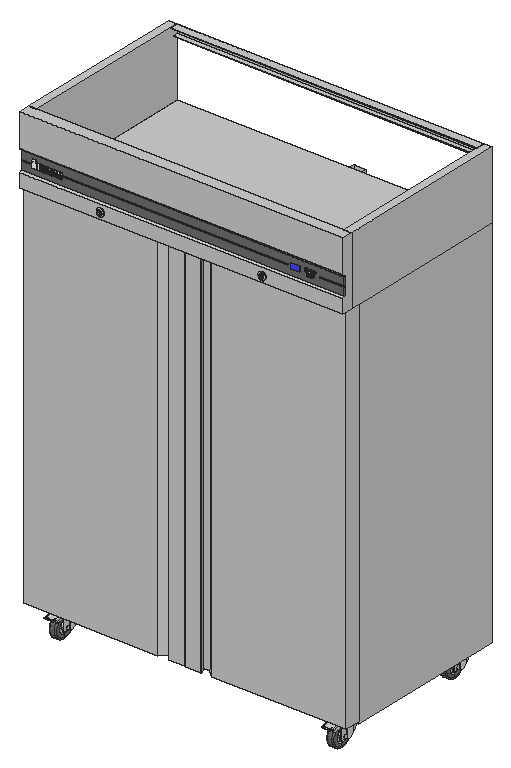
Revit family "QF_INOMAK_CEP2144_250529035457", category Specialty Equipment, Revit 2021
Family settings
  Round Connector Dimension = Use Diameter
  Part Type = Normal
  OmniClass Number = 23.40.40.14
  OmniClass Title = Food Service Equipment
  Work Plane-Based = No
  Always vertical = Yes
  Cut with Voids When Loaded = No
  Shared = No
  Room Calculation Point = No
Parameters (values of type "CEP2144")
  Weight [instance] = 201.998 kg
  Warranty Start Date [instance] = ""
  Warranty Duration [instance] = ""
  Volts [instance] = 230 V
  Volt Free Conn [instance] = no
  URL Recommended Spares List [instance] = ""
  URL Manufacturer [instance] = ""
  URL Cutsheet [instance] = ""
  URL Critical Spares List [instance] = ""
  URL = "www.inomak.com"
  Technical Documentation [instance] = ""
  Tag Number [instance] = ""
  Status [instance] = ""
  Start Up Current [instance] = 0 A
  Specification by User [instance] = ""
  Specification by Manufacturer [instance] = ""
  Sound Level [instance] = ""
  Show Logo [instance] = yes
  Show Clearances [instance] = yes
  Service Life Duration [instance] = ""
  Serial Number [instance] = ""
  Seismic Rating [instance] = ""
  SMACNA No [instance] = ""
  Revision Code [instance] = ""
  Revision [instance] = ""
  Production Year [instance] = ""
  Potential Equalisation [instance] = no
  Point Load [instance] = 0
  Phase [instance] = 1
  Other Equipment Approvals [instance] = ""
  Operational Current [instance] = 0 A
  Number of Poles [instance] = 2
  No Load Power Draw [instance] = no
  NAFEM Spec ID Number [instance] = ""
  Model Warning [instance] = ""
  Model = "CEP2144"
  Min Ckt Ampacity [instance] = 0 A
  Max Overcurrent Protection [instance] = 10 A
  Masterspec [instance] = ""
  Manufacturer = "INOMAK"
  Main switch integrated [instance] = no
  Length Actual [instance] = 1439.926 mm
  Item Number [instance] = ""
  Installed By [instance] = ""
  Installation Date [instance] = ""
  Identify Quantity as Lot [instance] = no
  ID [instance] = ""
  Hygiene Approval [instance] = ""
  Height Actual [instance] = 2100.072 mm
  HP power [instance] = ""
  Furnished By [instance] = ""
  Foodservice Equipment Identifier [instance] = no
  FL Amps [instance] = 3.2 A
  Electrical Remarks [instance] = ""
  Electric power [instance] = 750 W
  Electric Connection Type [instance] = ""
  Elec Conn RI Height [instance] = 0 mm
  Elec Conn Connection Height [instance] = 0 mm
  ETL Approved [instance] = no
  Description = "CYPRESS CHILLER CABINET WITH 2 GN 2/1 DOORS"
  Depth Actual [instance] = 867.918 mm
  Default Elevation = 0 mm
  Cycle [instance] = 50 Hz
  Cost = 0
  Connection to energy optimisation system [instance] = yes
  Conn Plug [instance] = ""
  Conn Conduit [instance] = no
  Centralized building control system with digital interface [instance] = ""
  CSI MasterFormat [instance] = ""
  CE Approved [instance] = no
  Barcode [instance] = 0
  Author [instance] = ""
  Asset Identifier [instance] = ""
  Apparent Power [instance] = 750 VA
  Accessory [instance] = no
Reference planes
  plane 1 "Center (Front/Back)": y = 0
  plane 2: z = 0
  plane 3 "Center (Left/Right)": x = 0
Forms (mm)
  Extrusion 1, solid, not visible
    sketch origin (1210.059, -2, 1930.094) x (1, 0, 0) y (0, 1, 0)
      loop
        line (-2, 2) -> (-2, -2) -> (2, -2) -> (2, 2) -> (-2, 2)
    from -2 to 2
Dimensions and locks
  locked: Extrusion 1 to nested 2
  locked: nested 2 to Extrusion 1 at 2
  aligned and locked: level to plane 2
Nested families
  nested 1: "QF_INOMAK_REF_CABINETS_2144_2920" at (0, 0, 130), type "CEP2144"
    with Weight 201.998 kg, Warranty Start Date "", Warranty Duration "", URL Cutsheet "", Technical Documentation "", Tag Number "", Status "", Specification by User "", Specification by Manufacturer "", Sound Level "", Solid Fuel Type "", Show Clearances yes, Show Clearance yes, Service Life Duration "", Serial Number "", Seismic Rating "", SMACNA No "", Revision Code "", Revision "", Production Year "", Point Load 0, Other Equipment Approvals "", NAFEM Spec ID Number "", Model Warning "", Masterspec "", Length Actual 1439.926 mm, Item Number "", Installed By "", Installation Date "", Identify Quantity as Lot yes, ID "", Hygiene Approval "", Height Actual 2100.072 mm, Furnished By "", Foodservice Equipment Identifier yes, Finish none, ETL Approved yes, Depth Actual 867.918 mm, CSI MasterFormat "", CE Approved yes, Barcode "", Author "", Asset Identifier "", Accessory no
  nested 2: "CONN_POINT_ELE_2D___Generic_Annotation" at (1210.059, 0, 1930.094), type "CONN_POINT_ELE_2D___Generic_Annotation"
    with Onboard connection annotation symbol visibility yes
  nested 3: "QF_INOMAK_CASTORS_4703" at (0, 0, 0), type "CT-1440-830"
    with Weight 0.00 kg, Warranty Start Date "", Warranty Duration "", URL Cutsheet "", Technical Documentation "", Tag Number "", Status "", Specification by User "", Specification by Manufacturer "", Sound Level "", Solid Fuel Type "", Show Logo yes, Show Clearances yes, Service Life Duration "", Serial Number "", Seismic Rating "", SMACNA No "", Revision Code "", Revision "", Production Year "", Point Load 0, Other Equipment Approvals "", NAFEM Spec ID Number "", Model Warning "", Masterspec "", Length Actual 1439.926 mm, Item Number "", Installed By "", Installation Date "", Identify Quantity as Lot yes, ID "", Hygiene Approval "", Height Actual 130.048 mm, Furnished By "", Foodservice Equipment Identifier yes, ETL Approved yes, Depth Actual 830.072 mm, CSI MasterFormat "", CE Approved yes, Barcode "", Author "", Asset Identifier "", Accessory yes
Connectors
  electrical at (1210.059, 0, 1930.094), driven by "Apparent Power", driven by "Number of Poles", driven by "Volts"
    settings: on Extrusion 1, index 1, voltage 230 V, apparent load 0 VA, apparent load phase1 750 VA, apparent load phase2 0 VA, apparent load phase3 0 VA, power factor 1, load classification "Other", number of poles 2, system type 31, power factor state 1, is connector primary yes, connector utility no, sub classification motor no, connector description "Electrical connection for CEP2144"
Definition of nested family "QF_INOMAK_REF_CABINETS_2144_2920"
  Parameters (values of type "CFP2144")
    Weight [instance] = 0.00 kg
    Warranty Start Date [instance] = ""
    Warranty Duration [instance] = ""
    URL Cutsheet [instance] = ""
    URL = "www.inomak.com"
    Technical Documentation [instance] = ""
    Tag Number [instance] = ""
    Status [instance] = ""
    Specification by User [instance] = ""
    Specification by Manufacturer [instance] = ""
    Sound Level [instance] = ""
    Solid Fuel Type [instance] = ""
    Show Logo = yes
    Show Clearances [instance] = yes
    Show Clearance [instance] = yes
    Service Life Duration [instance] = ""
    Serial Number [instance] = ""
    Seismic Rating [instance] = ""
    SMACNA No [instance] = ""
    Revision Code [instance] = ""
    Revision [instance] = ""
    Production Year [instance] = ""
    Point Load [instance] = 0
    Other Equipment Approvals [instance] = ""
    NAFEM Spec ID Number [instance] = ""
    Model Warning [instance] = ""
    Model = "CFP2144"
    Masterspec [instance] = ""
    Manufacturer = "INOMAK"
    Length Actual [instance] = 0 mm
    Length = 720 mm
    Item Number [instance] = ""
    Installed By [instance] = ""
    Installation Date [instance] = ""
    Identify Quantity as Lot [instance] = yes
    ID [instance] = ""
    Hygiene Approval [instance] = ""
    Height Actual [instance] = 0 mm
    Height = 1985 mm
    Furnished By [instance] = ""
    Foodservice Equipment Identifier [instance] = yes
    Finish [instance] = none
    ETL Approved [instance] = yes
    Description = "CASTANEA FREEZER CABINET WITH 2 GN 2/1 DOORS"
    Depth Actual [instance] = 0 mm
    Depth = 832 mm
    Default Elevation = 0 mm
    CSI MasterFormat [instance] = ""
    CE Approved [instance] = yes
    Barcode [instance] = ""
    Author [instance] = ""
    Asset Identifier [instance] = ""
    Assembly Code = "E1090320"
    Accessory [instance] = yes
  Types (4, lengths in mm): name | Model | Description | Depth
    CFP2144 | "CFP2144" | "CASTANEA FREEZER CABINET WITH 2 GN 2/1 DOORS" | 832
    CEP2144 | "CEP2144" | "CYPRESS CHILLER CABINET WITH 2 GN 2/1 DOORS" | 832
    CEP2144-SL | "CEP2144/SL" | "CLOVER CHILLER CABINET WITH 2 GN 2/1 DOORS, COMPACT DIMENSIONS" | 732
    CFP2144-SL | "CFP2144/SL" | "CLOVER FREEZER CABINET WITH 2 GN 2/1 DOORS, COMPACT DIMENSIONS" | 732
  Reference planes
    plane 1 "Back": y = 0
    plane 2: z = 0
    plane 3 "Left": x = 0
    plane 4 "Right": x = 1440
    plane 5 "Front": y = -832
    plane 6 "Top": z = 1985
  Forms (mm)
    Extrusion 1, solid
      sketch origin (-1732.685, -832, 3995) x (-1, 0, 0) y (0, 0, 1)
        loop
          circle (-3004.815, -2199.02) r 6.965
        loop
          circle (-3021.846, -2199.02) r 6.965
        loop
          circle (-3038.855, -2199.02) r 6.965
        loop
          circle (-3013.341, -2217.021) r 6.965
        loop
          circle (-3030.35, -2217.021) r 6.965
        loop
          circle (-3004.815, -2199.02) r 3.965
        loop
          circle (-3021.846, -2199.02) r 3.965
        loop
          circle (-3038.855, -2199.02) r 3.965
        loop
          circle (-3013.341, -2217.021) r 3.965
        loop
          circle (-3030.35, -2217.021) r 3.965
      from 7.3 to 10.302
    Extrusion 2, solid
      sketch origin (-1732.685, -832, 3995) x (-1, 0, 0) y (0, 0, 1)
        loop
          line (-2977.026, -2195.289) -> (-2977.026, -2218.289) -> (-2937.026, -2218.289) -> (-2937.026, -2195.289) -> (-2977.026, -2195.289)
      from 7.3 to 10.302
    Extrusion 3, solid
      sketch origin (-1732.685, -832, 3995) x (-1, 0, 0) y (0, 0, 1)
        loop
          line (-1732.685, -2167.27) -> (-3172.685, -2167.27) -> (-3172.685, -2246.309) -> (-1732.685, -2246.309) -> (-1732.685, -2167.27)
      from 7.8 to 10.302
    Extrusion 4, solid, visible <- "Show Logo"
      sketch origin (-1732.685, -832, 3995) x (-1, 0, 0) y (0, 0, 1)
        loop
          line (-1776.745, -2194.74) -> (-1782.745, -2194.74) -> (-1782.745, -2183.633) -> (-1796.982, -2183.633) -> (-1796.982, -2194.74) -> (-1802.982, -2194.74) -> (-1802.982, -2220.99) -> (-1776.745, -2220.99) -> (-1776.745, -2194.74)
        loop
          line (-1807.298, -2195.052) -> (-1814.587, -2195.052) -> (-1814.587, -2220.99) -> (-1807.298, -2220.99) -> (-1807.298, -2195.052)
        loop
          line (-1817.107, -2220.99) -> (-1817.107, -2195.052) -> (-1823.94, -2195.052) -> (-1827.134, -2206.971) -> (-1827.134, -2195.052) -> (-1833.666, -2195.052) -> (-1833.666, -2220.99) -> (-1827.134, -2220.99) -> (-1823.42, -2207.127) -> (-1823.42, -2220.99) -> (-1817.107, -2220.99)
        loop
          line (-1854.348, -2220.99) -> (-1854.348, -2195.052) -> (-1863.311, -2195.052) -> (-1865.673, -2209.062) -> (-1868.035, -2195.052) -> (-1876.997, -2195.052) -> (-1876.997, -2220.99) -> (-1870.372, -2220.99) -> (-1870.372, -2207.127) -> (-1868.035, -2220.99) -> (-1863.311, -2220.99) -> (-1860.973, -2207.127) -> (-1860.973, -2220.99) -> (-1854.348, -2220.99)
        loop
          line (-1839.536, -2195.052) -> (-1848.861, -2195.052)
          arc (-1848.861, -2195.052) -> (-1851.458, -2196.128) -> (-1852.533, -2198.724) r 3.672
          line (-1852.533, -2198.724) -> (-1852.533, -2217.318)
          arc (-1852.533, -2217.318) -> (-1851.458, -2219.914) -> (-1848.861, -2220.99) r 3.672
          line (-1848.861, -2220.99) -> (-1839.536, -2220.99)
          arc (-1839.536, -2220.99) -> (-1836.939, -2219.914) -> (-1835.864, -2217.318) r 3.672
          line (-1835.864, -2217.318) -> (-1835.864, -2198.724)
          arc (-1835.864, -2198.724) -> (-1836.939, -2196.128) -> (-1839.536, -2195.052) r 3.672
        loop
          arc (-1843.172, -2198.208) -> (-1844.198, -2197.181) -> (-1845.225, -2198.208) r 1.027
          line (-1845.225, -2198.208) -> (-1845.225, -2216.801)
          arc (-1845.225, -2216.801) -> (-1844.198, -2217.828) -> (-1843.172, -2216.801) r 1.027
          line (-1843.172, -2216.801) -> (-1843.172, -2198.208)
        loop
          line (-1878.066, -2220.99) -> (-1882.439, -2195.052) -> (-1891.3, -2195.052) -> (-1895.673, -2220.99) -> (-1889.146, -2220.99) -> (-1888.536, -2216.027) -> (-1885.203, -2216.027) -> (-1884.593, -2220.99) -> (-1878.066, -2220.99)
        loop
          line (-1885.759, -2211.498) -> (-1886.87, -2202.452) -> (-1887.98, -2211.498) -> (-1885.759, -2211.498)
        loop
          line (-1896.638, -2220.99) -> (-1896.638, -2195.052) -> (-1903.263, -2195.052) -> (-1903.263, -2204.165) -> (-1906.049, -2195.052) -> (-1913.487, -2195.052) -> (-1909.159, -2206.329) -> (-1914.207, -2220.99) -> (-1906.623, -2220.99) -> (-1903.263, -2208.45) -> (-1903.263, -2220.99) -> (-1896.638, -2220.99)
      from 7.3 to 10.3
    Extrusion 5, solid
      sketch origin (-1732.685, -832, 3995) x (-1, 0, 0) y (0, 0, 1)
        loop
          line (-1732.685, -2204.789) -> (-1769.679, -2204.789) -> (-1769.679, -2208.789) -> (-1732.685, -2208.789) -> (-1732.685, -2204.789)
        loop
          line (-1918.161, -2204.789) -> (-2922.526, -2204.789) -> (-2922.526, -2208.789) -> (-1918.161, -2208.789) -> (-1918.161, -2204.789)
        loop
          line (-3172.685, -2204.789) -> (-3172.685, -2208.789) -> (-3064.916, -2208.789) -> (-3064.916, -2204.789) -> (-3172.685, -2204.789)
      from 7.3 to 10.302
    Extrusion 6, solid, material <- "Finish"
      sketch origin (0, 24.612, -1987) x (0, 1, 0) y (0, 0, 1)
        loop
          line (-856.612, 3972) -> (-856.612, 3823.032) -> (-848.31, 3814.73) -> (-848.31, 3735.691) -> (-856.612, 3727.389) -> (-856.612, 3667) -> (-806.612, 3667) -> (-806.612, 3972) -> (-856.612, 3972)
      from 0 to 1440
    Extrusion 7, solid, material <- "Finish"
      sketch origin (0, 0, 1985) x (0, 1, 0) y (-1, 0, 0)
        loop
          line (-782, 0) -> (-782, -35) -> (0, -35) -> (0, 0) -> (-782, 0)
      from 0 to -305
    Extrusion 8, solid, material <- "Finish"
      sketch origin (0, 0, 1985) x (0, 1, 0) y (-1, 0, 0)
        loop
          line (-782, -1440) -> (0, -1440) -> (0, -1405) -> (-782, -1405) -> (-782, -1440)
      from 0 to -305
    Extrusion 9, solid, material <- "Finish"
      sketch origin (360, 24.612, -1987) x (0, 1, 0) y (0, 0, 1)
        loop
          line (-806.612, 3863.915) -> (-806.612, 3667) -> (-686.934, 3667) -> (-686.934, 3744.237) -> (-806.612, 3863.915)
      from -325 to 1045
    Extrusion 10, solid, material <- "Finish"
      sketch origin (40, 24.612, -123) x (0, 1, 0) y (0, 0, 1)
        loop
          line (-683.378, 1913.946) -> (-698.935, 1929.502) -> (-717.143, 1911.294) -> (-715.729, 1909.88) -> (-698.935, 1926.674) -> (-684.793, 1912.532) -> (-683.378, 1913.946)
      from 114.953 to 225
    Extrusion 11, solid, material <- "Finish"
      sketch origin (0, 30.903, -1982) x (0, 1, 0) y (0, 0, 1)
        loop
          line (-30.903, 3967) -> (-70.903, 3967) -> (-70.903, 3965) -> (-32.903, 3965) -> (-32.903, 3929) -> (-55.903, 3929) -> (-55.903, 3927) -> (-30.903, 3927) -> (-30.903, 3967)
      from 35 to 1405
    Extrusion 12, solid, material <- "Finish"
      sketch origin (0, 30.903, -118) x (0, 1, 0) y (0, 0, 1)
        loop
          line (-30.903, 1798) -> (-772.903, 1798) -> (-772.903, 1733) -> (-100.876, 1733) -> (-100.876, 188) -> (-772.903, 188) -> (-772.903, 118) -> (-30.903, 118) -> (-30.903, 1798)
      from 35 to 1405
    Extrusion 13, solid, material <- "Finish"
      sketch origin (0, 30.903, -415.687) x (1, 0, 0) y (0, 1, 0)
        loop
          line (0, -772.903) -> (35, -772.903) -> (35, -30.903) -> (0, -30.903) -> (0, -772.903)
      from 415.687 to 2095.687
    Extrusion 14, solid, material <- "Finish"
      sketch origin (720, 30.903, -415.687) x (-1, 0, 0) y (0, -1, 0)
        loop
          line (-720, 772.903) -> (-720, 30.903) -> (-685, 30.903) -> (-685, 772.903) -> (-720, 772.903)
      from 415.687 to 2095.687
    Revolve 15, solid
      sketch origin (358.942, 24.612, -1987) x (0, 1, 0) y (0, 0, 1)
        loop
          line (-859.012, 3694.152) -> (-856.612, 3694.152) -> (-856.612, 3711.145) -> (-857.612, 3711.145) -> (-861.012, 3706.633) -> (-861.012, 3702.998) -> (-859.012, 3702.998) -> (-859.012, 3694.152)
        axis (-856.612, 3694.152) -> (-861.012, 3694.152)
      angle from 0 to 360
    Extrusion 16, solid
      sketch origin (-2452.685, -832, 3995) x (-1, 0, 0) y (0, 0, 1)
        loop
          line (-2810.827, -2284.348) -> (-2812.827, -2284.348) -> (-2812.827, -2291.348) -> (-2810.827, -2291.348) -> (-2810.827, -2284.348)
        loop
          circle (-2811.627, -2287.848) r 7.846
      from -4.4 to -2.4
    Revolve 17, solid
      sketch origin (1081.058, 24.612, -1987) x (0, 1, 0) y (0, 0, -1)
        loop
          line (-859.012, -3694.152) -> (-859.012, -3702.998) -> (-861.012, -3702.998) -> (-861.012, -3706.633) -> (-857.612, -3711.145) -> (-856.612, -3711.145) -> (-856.612, -3694.152) -> (-859.012, -3694.152)
        axis (-856.612, -3694.152) -> (-861.012, -3694.152)
      angle from 0 to 360
    Extrusion 18, solid
      sketch origin (3892.685, -832, 3995) x (1, 0, 0) y (0, 0, -1)
        loop
          line (-2810.827, 2284.348) -> (-2810.827, 2291.348) -> (-2812.827, 2291.348) -> (-2812.827, 2284.348) -> (-2810.827, 2284.348)
        loop
          circle (-2811.627, 2287.848) r 7.846
      from -4.4 to -2.4
    Extrusion 19, solid, material <- "Finish"
      sketch origin (1400, 24.612, -123) x (0, 1, 0) y (0, 0, -1)
        loop
          line (-683.378, -1913.946) -> (-684.793, -1912.532) -> (-698.935, -1926.674) -> (-715.729, -1909.88) -> (-717.143, -1911.294) -> (-698.935, -1929.502) -> (-683.378, -1913.946)
      from 114.953 to 225
    Extrusion 20, solid, visible <- "Show Clearance", detail levels coarse
      sketch origin (872.304, -180, -18) x (-1, 0, 0) y (0, -1, 0)
        loop
          line (872.304, 1302) -> (804.804, 1302)
          arc (804.804, 1302) -> (341.042, 1101.619) -> (154.804, 632) r 660.076
          line (154.804, 632) -> (872.304, 632) -> (872.304, 1302)
      from 28 to 1695
    Extrusion 21, solid, material <- "Finish"
      sketch origin (25.5, -748.447, 1286.729) x (0, 1, 0) y (-1, 0, 0)
        loop
          line (-63.553, 25.5) -> (-63.553, -575.562) -> (-33.678, -605.437) -> (-33.678, -650.304) -> (-47.56, -652.255) -> (-51.238, -626.088) -> (-60.737, -620.603)
          arc (-60.737, -620.603) -> (-62.614, -620.603) -> (-63.553, -622.228) r 1.877
          line (-63.553, -622.228) -> (-63.553, -692) -> (6.447, -692) -> (6.447, 25.5) -> (-63.553, 25.5)
      from -1276.729 to 390.271
    Extrusion 22, solid, visible <- "Show Clearance", detail levels coarse
      sketch origin (567.696, -180, -18) x (1, 0, 0) y (0, 1, 0)
        loop
          line (872.304, -1302) -> (872.304, -632) -> (154.804, -632)
          arc (154.804, -632) -> (341.042, -1101.619) -> (804.804, -1302) r 660.076
          line (804.804, -1302) -> (872.304, -1302)
      from 28 to 1695
    Extrusion 23, solid, material <- "Finish"
      sketch origin (1414.5, -748.447, 1286.729) x (0, 1, 0) y (-1, 0, 0)
        loop
          line (-63.553, -25.5) -> (6.447, -25.5) -> (6.447, 692) -> (-63.553, 692) -> (-63.553, 622.228)
          arc (-63.553, 622.228) -> (-62.614, 620.603) -> (-60.737, 620.603) r 1.877
          line (-60.737, 620.603) -> (-51.238, 626.088) -> (-47.56, 652.255) -> (-33.678, 650.304) -> (-33.678, 605.437) -> (-63.553, 575.562) -> (-63.553, -25.5)
      from -1276.729 to 390.271
    Extrusion 24, solid, material <- "Finish"
      sketch origin (360, 30.903, -118) x (1, 0, 0) y (0, 1, 0)
        loop
          line (187, 5.097) -> (187, -29.903) -> (175, -29.903) -> (175, -30.903) -> (545, -30.903) -> (545, -29.903) -> (533, -29.903) -> (533, 5.097) -> (187, 5.097)
      from 1156 to 1531
    Extrusion 25, solid, material <- "Finish"
      sketch origin (460, 30.903, -118) x (1, 0, 0) y (0, 1, 0)
        loop
          line (339, 0.097) -> (339, -29.903) -> (325, -29.903) -> (325, -30.903) -> (340, -30.903) -> (340, -0.903) -> (393, -0.903) -> (393, -30.903) -> (408, -30.903) -> (408, -29.903) -> (394, -29.903) -> (394, 0.097) -> (339, 0.097)
      from 1531 to 1793
  Lines and regions (mm)
    symbolic lines
      curve 1: line (0, 0, 0) -> (1440, 0, 0)
      curve 2: line (0, -832, 0) -> (0, 0, 0)
      curve 3: line (1440, -832, 0) -> (0, -832, 0)
      curve 4: line (1440, 0, 0) -> (1440, -832, 0)
      curve 5: line (35, 0, 0) -> (35, -782, 0)
      curve 6: line (35, -782, 0) -> (1405, -782, 0)
      curve 7: line (1405, -782, 0) -> (1405, 0, 0)
      curve 8: line (35, -40, 0) -> (1405, -40, 0)
      curve 9: line (35, -662.322, 0) -> (1405, -662.322, 0)
      curve 16: line (547, 1, 0) -> (547, 36, 0)
      curve 17: line (547, 36, 0) -> (893, 36, 0)
      curve 18: line (893, 36, 0) -> (893, 1, 0)
      curve 19: line (547, 1, 0) -> (535, 1, 0)
      curve 20: line (535, 1, 0) -> (535, 0, 0)
      curve 21: line (893, 1, 0) -> (905, 1, 0)
      curve 22: line (905, 1, 0) -> (905, 0, 0)
      curve 23: line (785, 0, 0) -> (785, 1, 0)
      curve 24: line (785, 1, 0) -> (799, 1, 0)
      curve 25: line (799, 1, 0) -> (799, 31, 0)
      curve 26: line (799, 31, 0) -> (854, 31, 0)
      curve 27: line (854, 31, 0) -> (854, 1, 0)
      curve 28: line (854, 1, 0) -> (868, 1, 0)
      curve 29: line (868, 1, 0) -> (868, 0, 0)
    symbolic lines, visible <- "Show Clearance"
      curve 10: line (67.5, -1482, 0) -> (0, -1482, 0)
      curve 11: line (0, -1482, 0) -> (0, -832, 0)
      curve 12: arc (717.5, -832, 0) -> (524.244, -1288.744, 0) -> (67.5, -1482, 0) r 660.076
      curve 13: line (1372.5, -1482, 0) -> (1440, -1482, 0)
      curve 14: line (1440, -1482, 0) -> (1440, -832, 0)
      curve 15: arc (722.5, -832, 0) -> (915.756, -1288.744, 0) -> (1372.5, -1482, 0) r 660.076
  Dimensions and locks
    plane 3 "Left" to plane 4 "Right" = 1440 mm
    "Depth": plane 5 "Front" to plane 1 "Back"
    "Height": plane 6 "Top" to level
    plane 6 "Top" to level = 1985 mm
    aligned and locked: level to plane 2
    aligned and locked: plane 6 "Top" to Extrusion 6 sketch curve
  Automatic sketch dimensions
    Extrusion 1 sketch curve to Extrusion 1 sketch curve = 0 mm  (x13)
    plane 4 "Right" to Extrusion 1 sketch curve = 133.83 mm
    Extrusion 1 sketch curve to Extrusion 1 sketch curve = 8.505 mm
    Extrusion 1 sketch curve to Extrusion 1 sketch curve = 17.009 mm  (x2)
    Extrusion 1 sketch curve to Extrusion 1 sketch curve = 17.03 mm
    Extrusion 1 sketch curve to plane 6 "Top" = 207.021 mm
    Extrusion 1 sketch curve to Extrusion 1 sketch curve = 18.001 mm
    plane 4 "Right" to Extrusion 2 sketch curve = 195.659 mm
    Extrusion 2 sketch curve to Extrusion 2 sketch curve = 40 mm
    Extrusion 2 sketch curve to plane 6 "Top" = 208.289 mm
    Extrusion 2 sketch curve to Extrusion 2 sketch curve = 23 mm
    plane 4 "Right" to Extrusion 3 sketch curve = 0 mm
    Extrusion 3 sketch curve to plane 3 "Left" = 0 mm
    Extrusion 3 sketch curve to plane 6 "Top" = 236.309 mm
    Extrusion 3 sketch curve to Extrusion 3 sketch curve = 79.039 mm
    plane 3 "Left" to Extrusion 4 sketch curve = 181.522 mm
    Extrusion 4 sketch curve to Extrusion 4 sketch curve = 0.72 mm
    Extrusion 4 sketch curve to Extrusion 4 sketch curve = 4.329 mm
    Extrusion 4 sketch curve to Extrusion 4 sketch curve = 7.584 mm
    Extrusion 4 sketch curve to Extrusion 4 sketch curve = 7.438 mm
    Extrusion 4 sketch curve to Extrusion 4 sketch curve = 5.895 mm
    Extrusion 4 sketch curve to Extrusion 4 sketch curve = 0 mm  (x16)
    Extrusion 4 sketch curve to Extrusion 4 sketch curve = 6.625 mm  (x2)
    Extrusion 4 sketch curve to Extrusion 4 sketch curve = 0.965 mm
    Extrusion 4 sketch curve to Extrusion 4 sketch curve = 5.338 mm
    Extrusion 4 sketch curve to Extrusion 4 sketch curve = 6.527 mm  (x2)
    Extrusion 4 sketch curve to Extrusion 4 sketch curve = 0.609 mm
    Extrusion 4 sketch curve to Extrusion 4 sketch curve = 0.556 mm
    Extrusion 4 sketch curve to Extrusion 4 sketch curve = 4.43 mm  (x2)
    Extrusion 4 sketch curve to Extrusion 4 sketch curve = 2.222 mm
    Extrusion 4 sketch curve to Extrusion 4 sketch curve = 3.334 mm
    Extrusion 4 sketch curve to Extrusion 4 sketch curve = 4.552 mm
    Extrusion 4 sketch curve to Extrusion 4 sketch curve = 1.069 mm
    Extrusion 4 sketch curve to Extrusion 4 sketch curve = 8.962 mm  (x2)
    Extrusion 4 sketch curve to Extrusion 4 sketch curve = 2.337 mm
    Extrusion 4 sketch curve to Extrusion 4 sketch curve = 4.699 mm  (x2)
    Extrusion 4 sketch curve to Extrusion 4 sketch curve = 4.724 mm  (x2)
    Extrusion 4 sketch curve to Extrusion 4 sketch curve = 1.815 mm
    Extrusion 4 sketch curve to Extrusion 4 sketch curve = 3.672 mm  (x6)
    Extrusion 4 sketch curve to Extrusion 4 sketch curve = 3.636 mm  (x3)
    Extrusion 4 sketch curve to Extrusion 4 sketch curve = 1.027 mm
    Extrusion 4 sketch curve to Extrusion 4 sketch curve = 2.197 mm
    Extrusion 4 sketch curve to Extrusion 4 sketch curve = 6.532 mm  (x2)
    Extrusion 4 sketch curve to Extrusion 4 sketch curve = 3.194 mm
    Extrusion 4 sketch curve to Extrusion 4 sketch curve = 3.714 mm
    Extrusion 4 sketch curve to Extrusion 4 sketch curve = 6.312 mm
    Extrusion 4 sketch curve to Extrusion 4 sketch curve = 2.52 mm
    Extrusion 4 sketch curve to Extrusion 4 sketch curve = 7.29 mm
    Extrusion 4 sketch curve to Extrusion 4 sketch curve = 4.315 mm
    Extrusion 4 sketch curve to Extrusion 4 sketch curve = 6 mm
    Extrusion 4 sketch curve to Extrusion 4 sketch curve = 14.237 mm
    Extrusion 4 sketch curve to Extrusion 4 sketch curve = 26.237 mm
    Extrusion 4 sketch curve to plane 6 "Top" = 210.99 mm
    Extrusion 4 sketch curve to Extrusion 4 sketch curve = 0.516 mm  (x2)
    Extrusion 4 sketch curve to Extrusion 4 sketch curve = 4.963 mm
    Extrusion 4 sketch curve to Extrusion 4 sketch curve = 4.529 mm
    Extrusion 4 sketch curve to Extrusion 4 sketch curve = 11.927 mm
    Extrusion 4 sketch curve to Extrusion 4 sketch curve = 12.539 mm
    Extrusion 4 sketch curve to Extrusion 4 sketch curve = 1.935 mm  (x2)
    Extrusion 4 sketch curve to Extrusion 4 sketch curve = 13.862 mm
    Extrusion 4 sketch curve to Extrusion 4 sketch curve = 0.157 mm
    Extrusion 4 sketch curve to Extrusion 4 sketch curve = 2.122 mm
    Extrusion 4 sketch curve to Extrusion 4 sketch curve = 4.285 mm
    Extrusion 4 sketch curve to Extrusion 4 sketch curve = 9.047 mm
    Extrusion 4 sketch curve to Extrusion 4 sketch curve = 8.403 mm
    Extrusion 4 sketch curve to Extrusion 4 sketch curve = 12.075 mm
    Extrusion 4 sketch curve to Extrusion 4 sketch curve = 26.25 mm
    Extrusion 4 sketch curve to Extrusion 4 sketch curve = 0.312 mm
    Extrusion 4 sketch curve to Extrusion 4 sketch curve = 11.107 mm
    plane 4 "Right" to Extrusion 5 sketch curve = 0 mm
    Extrusion 5 sketch curve to plane 3 "Left" = 0 mm
    Extrusion 5 sketch curve to Extrusion 5 sketch curve = 107.768 mm
    Extrusion 5 sketch curve to Extrusion 5 sketch curve = 142.39 mm
    plane 3 "Left" to Extrusion 5 sketch curve = 185.476 mm
    plane 3 "Left" to Extrusion 5 sketch curve = 36.995 mm
    Extrusion 5 sketch curve to plane 6 "Top" = 198.789 mm
    Extrusion 5 sketch curve to Extrusion 5 sketch curve = 0 mm  (x2)
    Extrusion 5 sketch curve to Extrusion 5 sketch curve = 4 mm  (x3)
    Extrusion 6 sketch curve to plane 5 "Front" = 0 mm  (x2)
    plane 5 "Front" to Extrusion 6 sketch curve = 8.302 mm
    Extrusion 6 sketch curve to Extrusion 6 sketch curve = 50 mm
    Extrusion 6 sketch curve to plane 6 "Top" = 148.968 mm
    Extrusion 6 sketch curve to Extrusion 6 sketch curve = 8.302 mm  (x2)
    Extrusion 6 sketch curve to Extrusion 6 sketch curve = 79.039 mm
    Extrusion 6 sketch curve to Extrusion 6 sketch curve = 60.389 mm
    plane 5 "Front" to Extrusion 9 sketch curve = 50 mm
    Extrusion 9 sketch curve to Extrusion 9 sketch curve = 119.678 mm
    Extrusion 9 sketch curve to plane 6 "Top" = 305 mm
    Extrusion 9 sketch curve to Extrusion 9 sketch curve = 77.237 mm
    Extrusion 9 sketch curve to plane 6 "Top" = 108.085 mm
    plane 5 "Front" to Extrusion 10 sketch curve = 139.47 mm
    Extrusion 10 sketch curve to Extrusion 10 sketch curve = 1.414 mm  (x2)
    Extrusion 10 sketch curve to Extrusion 10 sketch curve = 16.794 mm
    Extrusion 10 sketch curve to Extrusion 10 sketch curve = 0 mm
    Extrusion 10 sketch curve to Extrusion 10 sketch curve = 14.142 mm
    Extrusion 10 sketch curve to plane 6 "Top" = 198.12 mm
    Extrusion 11 sketch curve to plane 6 "Top" = 0 mm
    Extrusion 11 sketch curve to plane 1 "Back" = 0 mm
    plane 1 "Back" to Extrusion 11 sketch curve = 2 mm
    Extrusion 11 sketch curve to Extrusion 11 sketch curve = 23 mm
    Extrusion 11 sketch curve to Extrusion 11 sketch curve = 38 mm
    Extrusion 11 sketch curve to Extrusion 11 sketch curve = 2 mm  (x2)
    Extrusion 11 sketch curve to Extrusion 11 sketch curve = 36 mm
    Extrusion 12 sketch curve to level = 0 mm
    Extrusion 12 sketch curve to plane 1 "Back" = 0 mm
    plane 1 "Back" to Extrusion 12 sketch curve = 69.973 mm
    plane 5 "Front" to Extrusion 12 sketch curve = 90 mm  (x2)
    level to Extrusion 12 sketch curve = 70 mm
    Extrusion 12 sketch curve to plane 6 "Top" = 370 mm
    Extrusion 12 sketch curve to Extrusion 12 sketch curve = 65 mm
    plane 1 "Back" to Extrusion 13 sketch curve = 0 mm
    Extrusion 13 sketch curve to plane 3 "Left" = 0 mm
    plane 3 "Left" to Extrusion 13 sketch curve = 35 mm
    plane 5 "Front" to Extrusion 13 sketch curve = 90 mm
    plane 1 "Back" to Extrusion 14 sketch curve = 0 mm
    Extrusion 14 sketch curve to plane 4 "Right" = 0 mm
    Extrusion 14 sketch curve to Extrusion 14 sketch curve = 35 mm
    plane 5 "Front" to Extrusion 14 sketch curve = 90 mm
    Revolve 15 sketch curve to plane 5 "Front" = 0 mm
    Revolve 15 sketch curve to plane 5 "Front" = 1 mm
    Revolve 15 sketch curve to plane 5 "Front" = 2.4 mm
    Revolve 15 sketch curve to Revolve 15 sketch curve = 2 mm
    Revolve 15 sketch curve to plane 6 "Top" = 277.848 mm
    Revolve 15 sketch curve to Revolve 15 sketch curve = 8.846 mm
    Revolve 15 sketch curve to Revolve 15 sketch curve = 3.635 mm
    Revolve 15 sketch curve to Revolve 15 sketch curve = 4.512 mm
    Revolve 15 sketch curve to Revolve 15 sketch curve = 0 mm  (x2)
    Revolve 15 sketch curve to Revolve 15 sketch curve = 4.096 mm
    plane 3 "Left" to Extrusion 16 sketch curve = 360.142 mm
    Extrusion 16 sketch curve to Extrusion 16 sketch curve = 1.2 mm
    Extrusion 16 sketch curve to Extrusion 16 sketch curve = 2 mm
    Extrusion 16 sketch curve to plane 6 "Top" = 281.348 mm
    Extrusion 16 sketch curve to Extrusion 16 sketch curve = 3.5 mm  (x2)
    Revolve 17 sketch curve to plane 5 "Front" = 0 mm
    Revolve 17 sketch curve to plane 5 "Front" = 1 mm
    Revolve 17 sketch curve to plane 5 "Front" = 2.4 mm
    Revolve 17 sketch curve to Revolve 17 sketch curve = 2 mm
    Revolve 17 sketch curve to plane 6 "Top" = 260.855 mm
    Revolve 17 sketch curve to Revolve 17 sketch curve = 4.512 mm
    Revolve 17 sketch curve to Revolve 17 sketch curve = 3.635 mm
    Revolve 17 sketch curve to Revolve 17 sketch curve = 8.846 mm
    Revolve 17 sketch curve to Revolve 17 sketch curve = 0 mm  (x2)
    Revolve 17 sketch curve to Revolve 17 sketch curve = 4.096 mm
    plane 4 "Right" to Extrusion 18 sketch curve = 360.142 mm
    Extrusion 18 sketch curve to Extrusion 18 sketch curve = 1.2 mm
    Extrusion 18 sketch curve to Extrusion 18 sketch curve = 2 mm
    Extrusion 18 sketch curve to plane 6 "Top" = 274.348 mm
    Extrusion 18 sketch curve to Extrusion 18 sketch curve = 3.5 mm  (x2)
    plane 5 "Front" to Extrusion 19 sketch curve = 139.47 mm
    Extrusion 19 sketch curve to Extrusion 19 sketch curve = 1.414 mm
    Extrusion 19 sketch curve to Extrusion 19 sketch curve = 16.794 mm
    Extrusion 19 sketch curve to Extrusion 19 sketch curve = 0 mm
    Extrusion 19 sketch curve to Extrusion 19 sketch curve = 14.142 mm
    Extrusion 19 sketch curve to plane 6 "Top" = 178.498 mm
    Extrusion 19 sketch curve to Extrusion 19 sketch curve = 12.728 mm
    Extrusion 20 sketch curve to plane 3 "Left" = 0 mm
    plane 5 "Front" to Extrusion 20 sketch curve = 10 mm
    plane 3 "Left" to Extrusion 20 sketch curve = 57.5 mm
    plane 3 "Left" to Extrusion 20 sketch curve = 67.5 mm
    plane 5 "Front" to Extrusion 20 sketch curve = 20 mm
    Extrusion 20 sketch curve to Extrusion 20 sketch curve = 660 mm
    Extrusion 21 sketch curve to plane 3 "Left" = 0 mm
    plane 5 "Front" to Extrusion 21 sketch curve = 20 mm  (x2)
    Extrusion 21 sketch curve to Extrusion 21 sketch curve = 1.877 mm
    Extrusion 21 sketch curve to Extrusion 21 sketch curve = 0.938 mm
    Extrusion 21 sketch curve to Extrusion 21 sketch curve = 9.5 mm
    Extrusion 21 sketch curve to Extrusion 21 sketch curve = 3.678 mm
    Extrusion 21 sketch curve to Extrusion 21 sketch curve = 13.882 mm
    Extrusion 21 sketch curve to Extrusion 21 sketch curve = 70 mm
    plane 3 "Left" to Extrusion 21 sketch curve = 601.062 mm
    Extrusion 21 sketch curve to Extrusion 21 sketch curve = 29.874 mm
    Extrusion 21 sketch curve to Extrusion 21 sketch curve = 15.166 mm
    Extrusion 21 sketch curve to Extrusion 21 sketch curve = 5.485 mm
    Extrusion 21 sketch curve to Extrusion 21 sketch curve = 24.216 mm
    Extrusion 21 sketch curve to Extrusion 21 sketch curve = 41.696 mm
    Extrusion 22 sketch curve to plane 4 "Right" = 0 mm
    plane 5 "Front" to Extrusion 22 sketch curve = 10 mm
    plane 4 "Right" to Extrusion 22 sketch curve = 57.5 mm
    plane 4 "Right" to Extrusion 22 sketch curve = 67.5 mm
    plane 5 "Front" to Extrusion 22 sketch curve = 20 mm
    Extrusion 22 sketch curve to Extrusion 22 sketch curve = 660 mm
    Extrusion 23 sketch curve to plane 4 "Right" = 0 mm
    plane 5 "Front" to Extrusion 23 sketch curve = 20 mm  (x2)
    Extrusion 23 sketch curve to Extrusion 23 sketch curve = 1.877 mm
    Extrusion 23 sketch curve to Extrusion 23 sketch curve = 0.938 mm
    Extrusion 23 sketch curve to Extrusion 23 sketch curve = 9.5 mm
    Extrusion 23 sketch curve to Extrusion 23 sketch curve = 3.678 mm
    Extrusion 23 sketch curve to Extrusion 23 sketch curve = 13.882 mm
    Extrusion 23 sketch curve to Extrusion 23 sketch curve = 70 mm
    plane 4 "Right" to Extrusion 23 sketch curve = 601.062 mm
    Extrusion 23 sketch curve to Extrusion 23 sketch curve = 29.874 mm
    Extrusion 23 sketch curve to Extrusion 23 sketch curve = 15.166 mm
    Extrusion 23 sketch curve to Extrusion 23 sketch curve = 5.485 mm
    Extrusion 23 sketch curve to Extrusion 23 sketch curve = 24.216 mm
    Extrusion 23 sketch curve to Extrusion 23 sketch curve = 39.745 mm
    Extrusion 7 sketch curve to plane 3 "Left" = 0 mm
    plane 1 "Back" to Extrusion 7 sketch curve = 0 mm
    plane 5 "Front" to Extrusion 7 sketch curve = 50 mm
    plane 3 "Left" to Extrusion 7 sketch curve = 35 mm
    Extrusion 8 sketch curve to plane 4 "Right" = 0 mm
    plane 1 "Back" to Extrusion 8 sketch curve = 0 mm
    plane 5 "Front" to Extrusion 8 sketch curve = 50 mm
    Extrusion 8 sketch curve to Extrusion 8 sketch curve = 35 mm
    plane 1 "Back" to Extrusion 24 sketch curve = 0 mm
    Extrusion 24 sketch curve to plane 1 "Back" = 1 mm  (x2)
    plane 3 "Left" to Extrusion 24 sketch curve = 535 mm
    Extrusion 24 sketch curve to Extrusion 24 sketch curve = 12 mm  (x2)
    Extrusion 24 sketch curve to plane 1 "Back" = 36 mm
    Extrusion 24 sketch curve to Extrusion 24 sketch curve = 346 mm
    plane 1 "Back" to Extrusion 25 sketch curve = 0 mm  (x2)
    plane 3 "Left" to Extrusion 25 sketch curve = 785 mm
    Extrusion 25 sketch curve to plane 1 "Back" = 1 mm  (x2)
    Extrusion 25 sketch curve to Extrusion 25 sketch curve = 14 mm  (x2)
    Extrusion 25 sketch curve to Extrusion 25 sketch curve = 1 mm  (x3)
    Extrusion 25 sketch curve to Extrusion 25 sketch curve = 53 mm
    Extrusion 25 sketch curve to Extrusion 25 sketch curve = 29 mm
    curve 1 to plane 3 "Left" = 0 mm
    curve 12 to plane 5 "Front" = 0 mm
    curve 13 to plane 4 "Right" = 0 mm
    plane 3 "Left" to curve 5 = 35 mm
    plane 5 "Front" to curve 12 = 10 mm
    curve 5 to curve 12 = 22.5 mm
    plane 3 "Left" to curve 10 = 67.5 mm
    curve 19 to plane 1 "Back" = 1 mm
    curve 5 to curve 19 = 500 mm
    curve 19 to curve 17 = 12 mm
    curve 24 to plane 1 "Back" = 1 mm
    curve 16 to curve 24 = 238 mm
    curve 23 to curve 25 = 14 mm
    curve 27 to plane 1 "Back" = 1 mm
    curve 24 to curve 27 = 55 mm
    curve 27 to curve 29 = 14 mm
    curve 18 to plane 1 "Back" = 1 mm
    curve 28 to curve 18 = 25 mm
    curve 18 to curve 22 = 12 mm
    plane 4 "Right" to curve 13 = 67.5 mm
    plane 5 "Front" to curve 15 = 10 mm
    plane 4 "Right" to curve 15 = 57.5 mm
    plane 4 "Right" to curve 6 = 35 mm
    curve 10 to plane 5 "Front" = 650 mm
    curve 13 to curve 3 = 650 mm
    curve 12 to curve 5 = 40 mm
    curve 27 to curve 27 = 30 mm
    curve 16 to curve 17 = 35 mm
    curve 6 to curve 9 = 119.678 mm
    plane 1 "Back" to curve 8 = 40 mm
    plane 1 "Back" to curve 2 = 0 mm
    radius of Extrusion 1 sketch curve = 6.965 mm  (x5)
    radius of Extrusion 1 sketch curve = 3.965 mm  (x5)
    radius of Extrusion 16 sketch curve = 7.846 mm
    radius of Extrusion 18 sketch curve = 7.846 mm
Definition of nested family "QF_INOMAK_CASTORS_4703"
  Parameters (values of type "CT-1105-600")
    Weight [instance] = 0.00 kg
    Warranty Start Date [instance] = ""
    Warranty Duration [instance] = ""
    URL Cutsheet [instance] = ""
    URL = "www.inomak.com"
    Technical Documentation [instance] = ""
    Tag Number [instance] = ""
    Status [instance] = ""
    Specification by User [instance] = ""
    Specification by Manufacturer [instance] = ""
    Sound Level [instance] = ""
    Solid Fuel Type [instance] = ""
    Show Logo [instance] = yes
    Show Clearances [instance] = yes
    Service Life Duration [instance] = ""
    Serial Number [instance] = ""
    Seismic Rating [instance] = ""
    SMACNA No [instance] = ""
    Right offset = 300 mm
    Revision Code [instance] = ""
    Revision [instance] = ""
    Rear offset = 60 mm
    Production Year [instance] = ""
    Point Load [instance] = 0
    Other Equipment Approvals [instance] = ""
    NAFEM Spec ID Number [instance] = ""
    Model Warning [instance] = ""
    Model = "CT"
    Masterspec [instance] = ""
    Manufacturer = "INOMAK"
    Length Actual [instance] = 0 mm
    Length = 1103 mm
    Left offset = 60 mm
    Item Number [instance] = ""
    Installed By [instance] = ""
    Installation Date [instance] = ""
    Identify Quantity as Lot [instance] = yes
    ID [instance] = ""
    Hygiene Approval [instance] = ""
    Height Actual [instance] = 0 mm
    Height = 130 mm
    Furnished By [instance] = ""
    Front offset = 150 mm
    Foodservice Equipment Identifier [instance] = yes
    ETL Approved [instance] = yes
    Description = "WHEELS"
    Depth Actual [instance] = 0 mm
    Depth = 600 mm
    Default Elevation = 0 mm
    CentralLegs = if(Length > 1900 mm, 2 > 1, 2 < 1)  # no
    CSI MasterFormat [instance] = ""
    CE Approved [instance] = yes
    Barcode [instance] = ""
    Author [instance] = ""
    Asset Identifier [instance] = ""
    Assembly Code = "E1090320"
    Accessory [instance] = yes
  Types (12, lengths in mm): name | Right offset | Rear offset | Length | Left offset | Front offset | Depth | CentralLegs
    CT-720-830 | 100 | 60 | 720 | 100 | 140 | 830 | no
    CT-1105-700 | 300 | 60 | 1103 | 60 | 150 | 700 | no
    CT-1440-730 | 100 | 60 | 1440 | 100 | 140 | 730 | no
    CT-720-730 | 100 | 60 | 720 | 100 | 140 | 730 | no
    CT-1410-700 | 60 | 90 | 1406 | 60 | 150 | 700 | no
    CT-1795-700 | 60 | 90 | 1792 | 60 | 150 | 700 | no
    CT-1440-830 | 100 | 60 | 1440 | 100 | 140 | 830 | no
    CT-1545-700 | 300 | 90 | 1546 | 100 | 150 | 700 | no
    CT-1995-700 | 300 | 90 | 1996 | 100 | 150 | 700 | yes
    CT-1105-600 | 300 | 60 | 1103 | 60 | 150 | 600 | no
    CT-1545-600 | 300 | 90 | 1546 | 100 | 150 | 600 | no
    CT-1995-600 | 300 | 90 | 1996 | 100 | 150 | 600 | yes
  Reference planes
    plane 1 "Back": y = 0
    plane 2: z = 0
    plane 3 "Left": x = 0
    plane 4 "Right": x = 1103
    plane 5 "Front": y = -600
    plane 6 "Top": z = 130
    plane 7 "Left offset": x = 60
    plane 8 "Right offset": x = 803
    plane 9 "Rear offset": y = -60
    plane 10 "Front offset": y = -450
    plane 11: x = 431.5
  Dimensions and locks
    "Length": plane 3 "Left" to plane 4 "Right"
    "Depth": plane 5 "Front" to plane 1 "Back"
    "Left offset": plane 3 "Left" to plane 7 "Left offset"
    "Right offset": plane 8 "Right offset" to plane 4 "Right"
    "Rear offset": plane 9 "Rear offset" to plane 1 "Back"
    "Front offset": plane 10 "Front offset" to plane 5 "Front"
    plane 6 "Top" to level = 130 mm
    equal spacing: plane 7 "Left offset", plane 11, plane 8 "Right offset"
    aligned and locked: level to plane 2
    aligned and locked: nested 1 to plane 7 "Left offset"
    aligned and locked: nested 1 to plane 10 "Front offset"
    aligned and locked: nested 2 to plane 8 "Right offset"
    aligned and locked: nested 2 to plane 10 "Front offset"
    aligned and locked: nested 3 to plane 7 "Left offset"
    aligned and locked: nested 3 to plane 9 "Rear offset"
    aligned and locked: nested 4 to plane 8 "Right offset"
    aligned and locked: nested 4 to plane 9 "Rear offset"
    aligned and locked: nested 5 to plane 11
    aligned and locked: nested 5 to plane 10 "Front offset"
  Nested families
    nested 1: "QF_INOMAK_CASTOR_BRAKES" at (60, -450, 0), type "QF_INOMAK_CASTOR_BRAKES"
    nested 2: "QF_INOMAK_CASTOR_BRAKES" at (803, -450, 0), type "QF_INOMAK_CASTOR_BRAKES"
    nested 3: "QF_INOMAK_CASTOR" at (60, -60, 0), type "QF_INOMAK_CASTOR"
    nested 4: "QF_INOMAK_CASTOR" at (803, -60, 0), type "QF_INOMAK_CASTOR"
    nested 5: "QF_INOMAK_CASTOR_BRAKES" at (431.5, -450, 0), visible <- "CentralLegs", type "QF_INOMAK_CASTOR_BRAKES"
  Definition of nested family "QF_INOMAK_CASTOR_BRAKES"
    Parameters (values of type "QF_INOMAK_CASTOR_BRAKES")
      Default Elevation = 0 mm
    Reference planes
      plane 1 "Center (Front/Back)": y = 0
      plane 2: z = 0
      plane 3 "Center (Left/Right)": x = 0
    Forms (mm)
      Extrusion 1, solid
        sketch origin (-55, 171.5, 124.5) x (1, 0, 0) y (0, 1, 0)
          loop
            line (12.5, -214) -> (97.5, -214)
            arc (97.5, -214) -> (104.571, -211.071) -> (107.5, -204) r 10
            line (107.5, -204) -> (107.5, -139)
            arc (107.5, -139) -> (104.571, -131.929) -> (97.5, -129) r 10
            line (97.5, -129) -> (12.5, -129)
            arc (12.5, -129) -> (5.429, -131.929) -> (2.5, -139) r 10
            line (2.5, -139) -> (2.5, -204)
            arc (2.5, -204) -> (5.429, -211.071) -> (12.5, -214) r 10
        from 0 to 5.5
      Extrusion 2, solid
        sketch origin (-55, 146, 24.5) x (1, 0, 0) y (0, 1, 0)
          loop
            circle (55, -146) r 36
          loop
            circle (55, -146) r 34
        from 12 to 100
      Extrusion 3, void
        sketch origin (-37.5, 146, -28.526) x (0, 1, 0) y (0, 0, 1)
          loop
            line (-105, 63.026) -> (-105, 139.692) -> (-158.75, 68.026)
            arc (-158.75, 68.026) -> (-160.956, 66.036) -> (-163.75, 65.026) r 7.727
            line (-163.75, 65.026) -> (-175, 65.026) -> (-175, 136.026) -> (-182, 136.026) -> (-182, 63.026) -> (-105, 63.026)
        from 0 to 75
      Revolve 4, solid
        sketch origin (0, -37.5, -3.552) x (1, 0, 0) y (0, 0, 1)
          loop
            arc (10, 3.552) -> (13.536, 5.016) -> (15, 8.552) r 5
            line (15, 8.552) -> (15, 22.052) -> (-15, 22.052) -> (-15, 8.552)
            arc (-15, 8.552) -> (-13.536, 5.016) -> (-10, 3.552) r 5
            line (-10, 3.552) -> (10, 3.552)
          axis (-15, 53.552) -> (15, 53.552)
        angle from 0 to 360
      Extrusion 5, solid
        sketch origin (-21.466, 171.5, -31.526) x (0, 1, 0) y (0, 0, 1)
          loop
            line (-200.5, 68.026) -> (-200.5, 139.026) -> (-222.5, 139.026) -> (-267.507, 126.05)
            arc (-267.507, 126.05) -> (-264.51, 121.7) -> (-259.5, 120.026) r 8.333
            line (-259.5, 120.026) -> (-224.5, 120.026) -> (-224.5, 76.026)
            arc (-224.5, 76.026) -> (-222.157, 70.369) -> (-216.5, 68.026) r 8
            line (-216.5, 68.026) -> (-200.5, 68.026)
        from -3.534 to -1.534
      Extrusion 6, solid
        sketch origin (-34, 171.5, -14) x (0, 1, 0) y (0, 0, 1)
          loop
            circle (-209, 64) r 12.5
        from 11 to 57
      Revolve 7, solid
        sketch origin (-55, -37.5, -3.552) x (1, 0, 0) y (0, 0, 1)
          loop
            arc (65, 22.052) -> (61.464, 23.516) -> (60, 27.052) r 5
            line (60, 27.052) -> (60, 53.526) -> (50, 53.526) -> (50, 27.052)
            arc (50, 27.052) -> (48.536, 23.516) -> (45, 22.052) r 5
            line (45, 22.052) -> (65, 22.052)
          axis (45, 53.526) -> (65, 53.526)
        angle from 0 to 360
      Extrusion 8, solid
        sketch origin (21.466, 171.5, -31.526) x (0, 1, 0) y (0, 0, -1)
          loop
            line (-200.5, -68.026) -> (-216.5, -68.026)
            arc (-216.5, -68.026) -> (-222.157, -70.369) -> (-224.5, -76.026) r 8
            line (-224.5, -76.026) -> (-224.5, -120.026) -> (-259.5, -120.026)
            arc (-259.5, -120.026) -> (-264.51, -121.7) -> (-267.507, -126.05) r 8.333
            line (-267.507, -126.05) -> (-222.5, -139.026) -> (-200.5, -139.026) -> (-200.5, -68.026)
        from -3.534 to -1.534
      Extrusion 9, solid
        sketch origin (250, -359.196, -27.974) x (1, 0, 0) y (0, 1, 0)
          loop
            line (-275, 330.196) -> (-273, 330.196)
            arc (-273, 330.196) -> (-273.274, 332.754) -> (-274.083, 335.196) r 12.082
            line (-274.083, 335.196) -> (-276.833, 335.196)
            arc (-276.833, 335.196) -> (-275.473, 332.858) -> (-275, 330.196) r 7.737
        from 64.474 to 135.474
      Extrusion 10, solid
        sketch origin (-250, -359.196, -27.974) x (-1, 0, 0) y (0, -1, 0)
          loop
            arc (-275, -330.196) -> (-275.473, -332.858) -> (-276.833, -335.196) r 7.737
            line (-276.833, -335.196) -> (-274.083, -335.196)
            arc (-274.083, -335.196) -> (-273.274, -332.754) -> (-273, -330.196) r 12.082
            line (-273, -330.196) -> (-275, -330.196)
        from 64.474 to 135.474
      Sweep 11, solid
        path origin (0, -359.196, -27.974) x (0, 1, 0) y (0, 0, 1)
          loop
            line (338.196, 135.474) -> (308.196, 135.474) -> (263.189, 122.499)
        profile origin (0, -36, 107.5) x (0, 0, -1) y (1, 0, 0)
          loop
            arc (-4, -21) -> (-2.828, -23.828) -> (0, -25) r 4
            line (0, -25) -> (0, -23)
            arc (0, -23) -> (-1.414, -22.414) -> (-2, -21) r 2
            line (-2, -21) -> (-2, 21)
            arc (-2, 21) -> (-1.414, 22.414) -> (0, 23) r 2
            line (0, 23) -> (0, 25)
            arc (0, 25) -> (-2.828, 23.828) -> (-4, 21) r 4
            line (-4, 21) -> (-4, -21)
      Extrusion 12, solid
        sketch origin (-15, -620.032, 471.611) x (1, 0, 0) y (0, 0.809942, -0.58651)
          loop
            line (0, 640.696) -> (0, 622.696) -> (6, 617.696) -> (24, 617.696) -> (30, 622.696) -> (30, 640.696) -> (0, 640.696)
        from 0 to 2
      Extrusion 13, solid
        sketch origin (-10, -688.801, 95.837) x (0, 1, 0) y (0, 0, 1)
          loop
            line (587.696, 0) -> (592.196, -3.259)
            arc (592.196, -3.259) -> (593.446, -3.664) -> (594.696, -3.259) r 2.131
            line (594.696, -3.259) -> (604.172, 4.031) -> (598.943, 2.532) -> (594.631, -0.785)
            arc (594.631, -0.785) -> (593.44, -1.2) -> (592.238, -0.82) r 2
            line (592.238, -0.82) -> (588.869, 1.62) -> (587.696, 0)
        from 0 to 20
      Extrusion 14, solid
        sketch origin (-31, -958.08, 50) x (0, 1, 0) y (0, 0, 1)
          loop
            line (924.33, -6.495) -> (928.08, 0) -> (924.33, 6.495) -> (916.83, 6.495) -> (913.08, 0) -> (916.83, -6.495) -> (924.33, -6.495)
        from 0 to 62
    Cuts and joins
      Extrusion 3 cuts Extrusion 2
      Extrusion 3 cuts Extrusion 9
      Extrusion 3 cuts Extrusion 10
    Dimensions and locks
      aligned and locked: level to plane 2
  Definition of nested family "QF_INOMAK_CASTOR"
    Parameters (values of type "QF_INOMAK_CASTOR")
      Default Elevation = 0 mm
    Reference planes
      plane 1 "Center (Front/Back)": y = 0
      plane 2: z = 0
      plane 3 "Center (Left/Right)": x = 0
    Forms (mm)
      Extrusion 1, solid
        sketch origin (-55, 171.5, 124.5) x (1, 0, 0) y (0, 1, 0)
          loop
            line (12.5, -214) -> (97.5, -214)
            arc (97.5, -214) -> (104.571, -211.071) -> (107.5, -204) r 10
            line (107.5, -204) -> (107.5, -139)
            arc (107.5, -139) -> (104.571, -131.929) -> (97.5, -129) r 10
            line (97.5, -129) -> (12.5, -129)
            arc (12.5, -129) -> (5.429, -131.929) -> (2.5, -139) r 10
            line (2.5, -139) -> (2.5, -204)
            arc (2.5, -204) -> (5.429, -211.071) -> (12.5, -214) r 10
        from 0 to 5.5
      Extrusion 2, solid
        sketch origin (-55, 146, 24.5) x (1, 0, 0) y (0, 1, 0)
          loop
            circle (55, -146) r 36
          loop
            circle (55, -146) r 34
        from 12 to 100
      Extrusion 3, void
        sketch origin (-37.5, 146, -28.526) x (0, 1, 0) y (0, 0, 1)
          loop
            line (-105, 63.026) -> (-105, 139.692) -> (-158.75, 68.026)
            arc (-158.75, 68.026) -> (-160.956, 66.036) -> (-163.75, 65.026) r 7.727
            line (-163.75, 65.026) -> (-175, 65.026) -> (-175, 136.026) -> (-182, 136.026) -> (-182, 63.026) -> (-105, 63.026)
        from 0 to 75
      Revolve 4, solid
        sketch origin (0, -37.5, -3.552) x (1, 0, 0) y (0, 0, 1)
          loop
            arc (10, 3.552) -> (13.536, 5.016) -> (15, 8.552) r 5
            line (15, 8.552) -> (15, 22.052) -> (-15, 22.052) -> (-15, 8.552)
            arc (-15, 8.552) -> (-13.536, 5.016) -> (-10, 3.552) r 5
            line (-10, 3.552) -> (10, 3.552)
          axis (-15, 53.552) -> (15, 53.552)
        angle from 0 to 360
      Extrusion 5, solid
        sketch origin (-21.466, 171.5, -31.526) x (0, 1, 0) y (0, 0, 1)
          loop
            line (-200.5, 68.026) -> (-200.5, 139.026) -> (-224.5, 139.026) -> (-224.5, 76.026)
            arc (-224.5, 76.026) -> (-222.157, 70.369) -> (-216.5, 68.026) r 8
            line (-216.5, 68.026) -> (-200.5, 68.026)
        from -3.534 to -1.534
      Extrusion 6, solid
        sketch origin (-34, 171.5, -14) x (0, 1, 0) y (0, 0, 1)
          loop
            circle (-209, 64) r 12.5
        from 11 to 57
      Revolve 7, solid
        sketch origin (-55, -37.5, -3.552) x (1, 0, 0) y (0, 0, 1)
          loop
            arc (65, 22.052) -> (61.464, 23.516) -> (60, 27.052) r 5
            line (60, 27.052) -> (60, 53.526) -> (50, 53.526) -> (50, 27.052)
            arc (50, 27.052) -> (48.536, 23.516) -> (45, 22.052) r 5
            line (45, 22.052) -> (65, 22.052)
          axis (45, 53.526) -> (65, 53.526)
        angle from 0 to 360
      Extrusion 8, solid
        sketch origin (21.466, 171.5, -31.526) x (0, 1, 0) y (0, 0, -1)
          loop
            line (-200.5, -68.026) -> (-216.5, -68.026)
            arc (-216.5, -68.026) -> (-222.157, -70.369) -> (-224.5, -76.026) r 8
            line (-224.5, -76.026) -> (-224.5, -139.026) -> (-200.5, -139.026) -> (-200.5, -68.026)
        from -3.534 to -1.534
      Extrusion 9, solid
        sketch origin (250, -359.196, -27.974) x (1, 0, 0) y (0, 1, 0)
          loop
            line (-275, 330.196) -> (-273, 330.196)
            arc (-273, 330.196) -> (-273.274, 332.754) -> (-274.083, 335.196) r 12.082
            line (-274.083, 335.196) -> (-276.833, 335.196)
            arc (-276.833, 335.196) -> (-275.473, 332.858) -> (-275, 330.196) r 7.737
        from 64.474 to 135.474
      Extrusion 10, solid
        sketch origin (-250, -359.196, -27.974) x (-1, 0, 0) y (0, -1, 0)
          loop
            arc (-275, -330.196) -> (-275.473, -332.858) -> (-276.833, -335.196) r 7.737
            line (-276.833, -335.196) -> (-274.083, -335.196)
            arc (-274.083, -335.196) -> (-273.274, -332.754) -> (-273, -330.196) r 12.082
            line (-273, -330.196) -> (-275, -330.196)
        from 64.474 to 135.474
      Sweep 11, solid
        path origin (0, -359.196, -27.974) x (0, 1, 0) y (0, 0, 1)
          loop
            line (338.196, 135.474) -> (306.196, 135.474)
        profile origin (0, -37, 107.5) x (0, 0, -1) y (1, 0, 0)
          loop
            arc (-4, -21) -> (-2.828, -23.828) -> (0, -25) r 4
            line (0, -25) -> (0, -23)
            arc (0, -23) -> (-1.414, -22.414) -> (-2, -21) r 2
            line (-2, -21) -> (-2, 21)
            arc (-2, 21) -> (-1.414, 22.414) -> (0, 23) r 2
            line (0, 23) -> (0, 25)
            arc (0, 25) -> (-2.828, 23.828) -> (-4, 21) r 4
            line (-4, 21) -> (-4, -21)
      Extrusion 12, solid
        sketch origin (-31, -958.08, 50) x (0, 1, 0) y (0, 0, 1)
          loop
            line (924.33, -6.495) -> (928.08, 0) -> (924.33, 6.495) -> (916.83, 6.495) -> (913.08, 0) -> (916.83, -6.495) -> (924.33, -6.495)
        from 0 to 62
    Cuts and joins
      Extrusion 3 cuts Extrusion 2
      Extrusion 3 cuts Extrusion 9
      Extrusion 3 cuts Extrusion 10
    Dimensions and locks
      aligned and locked: level to plane 2
Definition of nested family "CONN_POINT_ELE_2D___Generic_Annotation"
  Parameters (values of type "CONN_POINT_ELE_2D___Generic_Annotation")
    Onboard connection annotation symbol visibility [instance] = yes
  Reference planes
    plane 1: y = 0
    plane 2: x = 0
  Lines and regions (mm)
    detail lines, visible <- "Onboard connection annotation symbol visibility"
      curve 1: circle (0, 0, 0) r 0.5 normal (0, 0, 1)
      curve 2: line (-1, 0, 0) -> (1, 0, 0)
      curve 3: line (0, 1, 0) -> (0, -1, 0)
      curve 4: line (2.5, 1, 0) -> (1.25, 1, 0)
      curve 5: line (1.25, 1, 0) -> (1.25, -1, 0)
      curve 6: line (1.25, -1, 0) -> (2.5, -1, 0)
      curve 7: line (1.25, 0, 0) -> (2, 0, 0)
